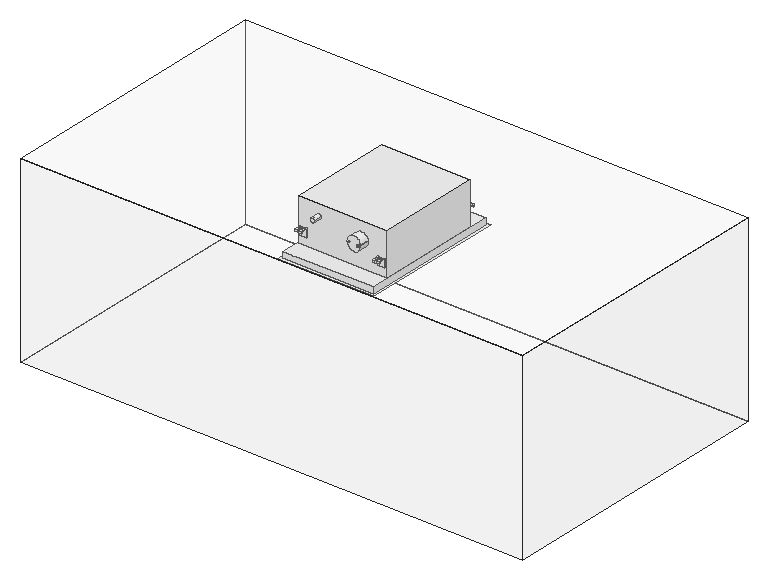
Revit family "pl-rp40_160la21_50Hz", category 機械設備, Revit 2019
Family settings
  丸型コネクタ寸法 = 直径を使用
  パーツ タイプ = 標準
  OmniClass 番号 = 23.75.10.24.21.27.27
  OmniClass タイトル = Split System Air Conditioning Units
  作業面ベース = いいえ
  常に垂直 = はい
  ロード時にボイドで切り取り = いいえ
  共有 = いいえ
  部屋計算ポイント = はい
Parameters (values of type "PL-RP40LA21_50Hz")
  風量（静）（m3／min） = 7
  風量（静） = 風量（静）（m3／min） * 60  # 420
  風量（弱）（m3／min） = 8
  風量（中）（m3／min） = 9
  風量（m3／min） = 10
  風量 = MAX風量  # 600.0 m³/h
  音響パワーレベル（静）(dB) = 49
  音響パワーレベル（弱）(dB) = 50
  音響パワーレベル（中）(dB) = 51
  音響パワーレベル(dB) = 52
  電源種別 = "一般"
  電圧_電気ヒーター = 0 V
  電圧 = 200 V
  電動機出力_送風機 = 0.05 kW
  運転質量 = 0.00 kg
  連動 = ""
  質量 = if(製品質量 > 運転質量, 製品質量, 運転質量) * 1.2  # 25.20 kg
  負荷分類 = 3_ファン類
  説明 = "店舗・事務所用パッケージエアコン（Mr.SLIM）2方向天井カセット形"
  設計暖房能力 = 0 kW
  設計冷房能力_顕熱 = 0 kW
  設計冷房能力 = 0 kW
  設置方法 = "カセット形（2方向吹出形）"
  記号 = ""
  製造元 = "三菱電機株式会社"
  製品質量 = 21.00 kg
  製品出荷対象 = "国内"
  製品リリース年月 = "2025/5/12"
  製品グループ = ""
  系統 = ""
  符号 = "PAC_CK2"
  積算_科目 = "1 空気調和設備"
  積算_拾い区分 = ""
  相_電気ヒーター = 1
  相 = 1
  盤記号 = ""
  発停方法 = ""
  特殊仕様 = ""
  火災停止 = ""
  消費電力_電気ヒーター = 0 kW
  消費電力_暖房 = 0.03 kW
  消費電力_加湿器 = 0 kW
  消費電力_冷房 = 0.03 kW
  消費電力 = if(消費電力_冷房 > 消費電力_暖房, 消費電力_冷房, 消費電力_暖房) + 消費電力_加湿器 + 消費電力_電気ヒーター  # 0.03 kW
  法定耐用年数 = "15"
  機外静圧 = 0.0 Pa
  製造番号 = ""
  極数 = 3
  材質 = "溶融亜鉛メッキ鋼板"
  本体マテリアル = 鋼、ペイント仕上げ、アイボリー、光沢
  有効加湿量 = 0
  暖房能力 = 4 kW
  形式_加湿器 = ""
  形式 = "カセット形（2方向吹出形）"
  幹線記号 = ""
  始動方式 = "直入"
  呼称 = "室内機 2方向天井カセット形"
  周波数 = 50 Hz
  吊り金具_高さ = 190.000 mm
  吊り位置Y = 824.000 mm
  吊り位置X = 574.000 mm
  加湿給水管径 = 0 mm
  分類コード = "50053003123020"
  分類グループ = ""
  冷房能力 = 3.6 kW
  冷媒高低圧ガス管径 = 0 mm
  冷媒管径符号 = "Ac"
  冷媒管径 = 100 mm
  冷媒液管高さ = 122.000 mm
  冷媒液管長さ = 67.000 mm
  冷媒液管径 = 6.35 mm
  冷媒ガス管高さ = 122.000 mm
  冷媒ガス管長さ = 78.000 mm
  冷媒ガス管径 = 12.7 mm
  価格 = 0
  企業コード = "108420"
  付属品_フィルター = ""
  付属品 = ""
  モデル = "PL-RP40LA21"
  ドレン管高さ = 60.000 mm
  ドレン管径 = 32 mm
  サービススペース = yes
  ケーブル種類 = ""
  Width = 650.000 mm
  Version = ""
  Uniclass2015Version = "Systems v1.9"
  Uniclass2015Title = "Split coil remote air cooled condensing units"
  Uniclass2015Code = "Pr_70_65_03_84"
  URL = "https://www.mitsubishielectric.co.jp/ldg/wink/qr/002/338218/"
  SpecificationReference = ""
  SpecificationDescription = ""
  S_H = 0.000 mm
  Revision = ""
  ProductInformation = ""
  OmniClassCode = "23-33 17 31 11"
  MIN風量 = 風量（弱）（m3／min） * 60.0 m³/h  # 480.0 m³/h
  MID風量 = 風量（中）（m3／min） * 60.0 m³/h  # 540.0 m³/h
  MAX風量 = 風量（m3／min） * 60.0 m³/h  # 600.0 m³/h
  IfcTypeProduct = ""
  IfcProduct = ""
  IfcExportType = "AIRCONDITIONINGUNIT"
  IfcExportAs = "IfcUnitaryEquipmentType"
  Height = 355.000 mm
  Depth = 770.000 mm
  Author = "三菱電機株式会社"
Types (10, lengths in mm): name | 風量（静）（m3／min） | 風量（静） | 風量（弱）（m3／min） | 風量（中）（m3／min） | 風量（m3／min） | 風量 | 音響パワーレベル（静）(dB) | 音響パワーレベル（弱）(dB) | 音響パワーレベル（中）(dB) | 音響パワーレベル(dB) | 電動機出力_送風機 | 質量 | 製品質量 | 消費電力_暖房 | 消費電力_冷房 | 消費電力 | 暖房能力 | 吊り金具_高さ | 吊り位置Y | 冷房能力 | 冷媒管径符号 | 冷媒液管高さ | 冷媒液管長さ | 冷媒液管径 | 冷媒ガス管高さ | 冷媒ガス管長さ | 冷媒ガス管径 | モデル | ドレン管高さ | URL | MIN風量 | MID風量 | MAX風量 | Height | Depth
  PL-RP40LA21_50Hz | 7 | 420 | 8 | 9 | 10 | 600.0 m³/h | 49 | 50 | 51 | 52 | 0.05 kW | 25.20 kg | 21.00 kg | 0.03 kW | 0.03 kW | 0.03 kW | 4 kW | 190.000 | 824.000 | 3.6 kW | "Ac" | 122.000 | 67.000 | 6.35 | 122.000 | 78.000 | 12.7 | "PL-RP40LA21" | 60.000 | "https://www.mitsubishielectric.co.jp/ldg/wink/qr/002/338218/" | 480.0 m³/h | 540.0 m³/h | 600.0 m³/h | 355.000 | 770.000
  PL-RP45LA21_50Hz | 8.5 | 510 | 9.5 | 10.5 | 11.5 | 690.0 m³/h | 49 | 50 | 52 | 53 | 0.05 kW | 28.80 kg | 24.00 kg | 0.04 kW | 0.04 kW | 0.04 kW | 4.5 kW | 190.000 | 994.000 | 4 kW | "Ac" | 122.000 | 67.000 | 6.35 | 122.000 | 78.000 | 12.7 | "PL-RP45LA21" | 60.000 | "https://www.mitsubishielectric.co.jp/ldg/wink/qr/002/338219/" | 570.0 m³/h | 630.0 m³/h | 690.0 m³/h | 355.000 | 940.000
  PL-RP50LA21_50Hz | 10 | 600 | 12 | 13 | 14 | 840.0 m³/h | 51 | 54 | 56 | 58 | 0.05 kW | 31.20 kg | 26.00 kg | 0.06 kW | 0.06 kW | 0.06 kW | 5 kW | 190.000 | 994.000 | 4.5 kW | "Ac" | 122.000 | 67.000 | 6.35 | 122.000 | 78.000 | 12.7 | "PL-RP50LA21" | 60.000 | "https://www.mitsubishielectric.co.jp/ldg/wink/qr/002/338221/" | 720.0 m³/h | 780.0 m³/h | 840.0 m³/h | 355.000 | 940.000
  PL-RP56LA21_50Hz | 10 | 600 | 12 | 13 | 14 | 840.0 m³/h | 52 | 54 | 56 | 58 | 0.05 kW | 31.20 kg | 26.00 kg | 0.06 kW | 0.06 kW | 0.06 kW | 5.6 kW | 190.000 | 994.000 | 5 kW | "Ac" | 122.000 | 67.000 | 6.35 | 122.000 | 78.000 | 12.7 | "PL-RP56LA21" | 60.000 | "https://www.mitsubishielectric.co.jp/ldg/wink/qr/002/338222/" | 720.0 m³/h | 780.0 m³/h | 840.0 m³/h | 355.000 | 940.000
  PL-RP63LA21_50Hz | 10 | 600 | 12 | 13 | 14 | 840.0 m³/h | 53 | 54 | 56 | 58 | 0.05 kW | 31.20 kg | 26.00 kg | 0.06 kW | 0.06 kW | 0.06 kW | 6.3 kW | 190.000 | 994.000 | 5.6 kW | "Ac" | 122.000 | 67.000 | 6.35 | 122.000 | 78.000 | 12.7 | "PL-RP63LA21" | 60.000 | "https://www.mitsubishielectric.co.jp/ldg/wink/qr/002/338223/" | 720.0 m³/h | 780.0 m³/h | 840.0 m³/h | 355.000 | 940.000
  PL-RP71LA21_50Hz | 10 | 600 | 12 | 13 | 14 | 840.0 m³/h | 54 | 55 | 56 | 58 | 0.05 kW | 31.20 kg | 26.00 kg | 0.06 kW | 0.06 kW | 0.06 kW | 7 kW | 190.000 | 994.000 | 6.3 kW | "Bd" | 122.000 | 67.000 | 9.52 | 122.000 | 78.000 | 15.88 | "PL-RP71LA21" | 60.000 | "https://www.mitsubishielectric.co.jp/ldg/wink/qr/002/338224/" | 720.0 m³/h | 780.0 m³/h | 840.0 m³/h | 355.000 | 940.000
  PL-RP80LA21_50Hz | 10 | 600 | 12 | 13 | 14 | 840.0 m³/h | 55 | 56 | 57 | 59 | 0.05 kW | 31.20 kg | 26.00 kg | 0.06 kW | 0.06 kW | 0.06 kW | 8 kW | 190.000 | 994.000 | 7.1 kW | "Bd" | 122.000 | 67.000 | 9.52 | 122.000 | 78.000 | 15.88 | "PL-RP80LA21" | 60.000 | "https://www.mitsubishielectric.co.jp/ldg/wink/qr/002/338225/" | 720.0 m³/h | 780.0 m³/h | 840.0 m³/h | 355.000 | 940.000
  PL-RP112LA21_50Hz | 18 | 1080 | 20.5 | 22.5 | 24 | 1440.0 m³/h | 58 | 60 | 61 | 62 | 0.1 kW | 54.00 kg | 45.00 kg | 0.09 kW | 0.09 kW | 0.09 kW | 11.2 kW | 231.000 | 1494.000 | 10 kW | "Bd" | 163.000 | 71.000 | 9.52 | 163.000 | 83.000 | 15.88 | "PL-RP112LA21" | 101.000 | "https://www.mitsubishielectric.co.jp/ldg/wink/qr/002/338226/" | 1230.0 m³/h | 1350.0 m³/h | 1440.0 m³/h | 396.000 | 1440.000
  PL-RP140LA21_50Hz | 20 | 1200 | 24.5 | 27 | 29 | 1740.0 m³/h | 61 | 62 | 65 | 66 | 0.24 kW | 56.40 kg | 47.00 kg | 0.14 kW | 0.14 kW | 0.14 kW | 14 kW | 231.000 | 1494.000 | 12.5 kW | "Bd" | 163.000 | 71.000 | 9.52 | 163.000 | 83.000 | 15.88 | "PL-RP140LA21" | 101.000 | "https://www.mitsubishielectric.co.jp/ldg/wink/qr/002/338227/" | 1470.0 m³/h | 1620.0 m³/h | 1740.0 m³/h | 396.000 | 1440.000
  PL-RP160LA21_50Hz | 20 | 1200 | 24.5 | 27 | 30 | 1800.0 m³/h | 62 | 63 | 66 | 67 | 0.24 kW | 56.40 kg | 47.00 kg | 0.14 kW | 0.14 kW | 0.14 kW | 16 kW | 231.000 | 1494.000 | 14 kW | "Bd" | 163.000 | 71.000 | 9.52 | 163.000 | 83.000 | 15.88 | "PL-RP160LA21" | 101.000 | "https://www.mitsubishielectric.co.jp/ldg/wink/qr/002/338228/" | 1470.0 m³/h | 1620.0 m³/h | 1800.0 m³/h | 396.000 | 1440.000
Reference planes
  plane 1 "中心(正面/背面)": y = 0
  plane 2: z = 0
  plane 3 "中心(左/右)": x = 0
  plane 4 "最外形_1": y = 540
  plane 5 "最外形_2": y = -540
  plane 6 "本体_1": y = 385
  plane 7 "本体_2": y = -385
  plane 8 "吊り位置Y_1": y = 412
  plane 9 "吊り位置Y_2": y = -412
  plane 10 "吊り位置X_2": x = 287
  plane 11 "吊り位置X_1": x = -287
  plane 12 "吊り金具位置": z = 165
  plane 13 "冷媒管_高さ": z = 233
  plane 14 "ガス管_1": y = -463
  plane 15 "液管_1": y = -452
  plane 16 "ガス管_2": x = 173
  plane 17 "液管_2": x = 103
  plane 18 "ドレン配管_高さ": z = 275
  plane 19: x = -175
  plane 20 "ドレン_長さ": y = -442
  plane 21 "サービススペース": z = 345
  plane 22 "点検口範囲_1": y = -340
  plane 23 "点検口範囲_2": y = 310
  plane 24: y = 450
  plane 25: y = 110
  plane 26 "サービススペース_2": x = 1855
  plane 27 "サービススペース_1": x = -1855
  plane 28 "サービススペース_3": y = 1040
  plane 29 "サービススペース_4": y = -1040
  plane 30 "高さ": z = 355
  plane 31 "サービススペース_5": z = -1000
Forms (mm)
  Extrusion 1, solid, detail levels fine
    sketch origin (0, 0, 0) x (0, -1, 0) y (1, 0, 0)
      loop
        line (520, -335) -> (520, 335) -> (-520, 335) -> (-520, -335) -> (520, -335)
    from 0 to 45
  Extrusion 2, solid
    sketch origin (0, 0, 0) x (0, -1, 0) y (1, 0, 0)
      loop
        line (-385, 325) -> (-385, -325) -> (385, -325) -> (385, 325) -> (-385, 325)
    from 45 to 355
  Extrusion 3, solid, detail levels fine
    sketch origin (0, 0, 0) x (1, 0, 0) y (0, 1, 0)
      loop
        line (355, -540) -> (355, 540) -> (-355, 540) -> (-355, -540) -> (355, -540)
    from -20 to 0
  Sweep 4, void, detail levels fine
    path in 3D
      loop
        line (-355, -540, -20) -> (-355, 540, -20) -> (355, 540, -20) -> (355, -540, -20) -> (-355, -540, -20)
    profile origin (0, -540, -20) x (0, 1, 0) y (0, 0, -1)
      loop
        line (0, -20) -> (31.974, 0) -> (0, 0) -> (0, -20)
  Extrusion 5, solid, detail levels fine
    sketch origin (0, 0, 0) x (1, 0, 0) y (0, 0, 1)
      loop
        circle (103, 233) r 3.175
    from 385 to 452
  Extrusion 6, solid, detail levels fine
    sketch origin (0, 0, 0) x (1, 0, 0) y (0, 0, 1)
      loop
        circle (173, 233) r 6.35
    from 385 to 463
  Extrusion 7, solid, detail levels fine
    sketch origin (0, 0, 0) x (1, 0, 0) y (0, 0, 1)
      loop
        circle (138, 233) r 50
    from 385 to 452
  Extrusion 8, solid, detail levels fine
    sketch origin (0, 0, 0) x (1, 0, 0) y (0, 0, 1)
      loop
        circle (-175, 275) r 16
    from 385 to 442
Cuts and joins
  Sweep 4 cuts Extrusion 3
Lines and regions (mm)
  model lines, detail levels fine
    curve 1: line (-240, 435, -20) -> (240, 435, -20)
    curve 2: line (250, 425, -20) -> (250, -425, -20)
    curve 3: line (180, 435, -20) -> (180, -435, -20)
    curve 4: line (-240, -435, -20) -> (240, -435, -20)
    curve 5: line (-250, 425, -20) -> (-250, -425, -20)
    curve 6: line (-180, 435, -20) -> (-180, -435, -20)
    curve 7: arc (240, 435, -20) -> (247.071, 432.071, -20) -> (250, 425, -20) r 10
    curve 8: arc (250, -425, -20) -> (247.071, -432.071, -20) -> (240, -435, -20) r 10
    curve 9: arc (-250, -425, -20) -> (-247.071, -432.071, -20) -> (-240, -435, -20) r 10
    curve 10: arc (-250, 425, -20) -> (-247.071, 432.071, -20) -> (-240, 435, -20) r 10
    curve 11: line (260.1, 424.827, -20) -> (260.1, -424.827, -20)
    curve 12: line (271.273, 436, -20) -> (289.25, 436, -20)
    curve 13: line (312.8, -419.027, -20) -> (312.8, 419.027, -20)
    curve 14: arc (260.1, 424.827, -20) -> (263.372, 432.728, -20) -> (271.273, 436, -20) r 11.173
    curve 15: arc (289.25, 436, -20) -> (303.765, 431.315, -20) -> (312.8, 419.027, -20) r 24.824
    curve 16: line (271.273, -436, -20) -> (289.25, -436, -20)
    curve 17: arc (260.1, -424.827, -20) -> (263.372, -432.728, -20) -> (271.273, -436, -20) r 11.173
    curve 18: arc (289.25, -436, -20) -> (303.765, -431.315, -20) -> (312.8, -419.027, -20) r 24.824
    curve 19: line (-260.1, 424.827, -20) -> (-260.1, -424.827, -20)
    curve 20: line (-271.273, 436, -20) -> (-289.25, 436, -20)
    curve 21: line (-312.8, -419.027, -20) -> (-312.8, 419.027, -20)
    curve 22: arc (-260.1, 424.827, -20) -> (-263.372, 432.728, -20) -> (-271.273, 436, -20) r 11.173
    curve 23: arc (-289.25, 436, -20) -> (-303.765, 431.315, -20) -> (-312.8, 419.027, -20) r 24.824
    curve 24: line (-271.273, -436, -20) -> (-289.25, -436, -20)
    curve 25: arc (-260.1, -424.827, -20) -> (-263.372, -432.728, -20) -> (-271.273, -436, -20) r 11.173
    curve 26: arc (-289.25, -436, -20) -> (-303.765, -431.315, -20) -> (-312.8, -419.027, -20) r 24.824
  sketch lines
    curve 27: line (355, -540, -20) -> (-355, -540, -20)
    curve 28: line (355, 540, -20) -> (355, -540, -20)
    curve 29: line (-355, 540, -20) -> (355, 540, -20)
    curve 30: line (-355, -540, -20) -> (-355, 540, -20)
Dimensions and locks
  locked: cut or joined group of Extrusion 3, Sweep 4 to cut or joined group of Extrusion 3, Sweep 4 at 710
  plane 5 "最外形_2" to plane 4 "最外形_1" = 1080.000 mm
  equal spacing: plane 5 "最外形_2", plane 1 "中心(正面/背面)", plane 4 "最外形_1"
  equal spacing: plane 7 "本体_2", plane 1 "中心(正面/背面)", plane 6 "本体_1"
  "Depth": plane 7 "本体_2" to plane 6 "本体_1"
  equal spacing: plane 9 "吊り位置Y_2", plane 1 "中心(正面/背面)", plane 8 "吊り位置Y_1"
  "吊り位置Y": plane 9 "吊り位置Y_2" to plane 8 "吊り位置Y_1"
  plane 11 "吊り位置X_1" to plane 10 "吊り位置X_2" = 574.000 mm  (x2)
  plane 5 "最外形_2" to plane 7 "本体_2" = 155.000 mm
  locked: plane 6 "本体_1" to plane 4 "最外形_1" at 155
  "冷媒ガス管長さ": plane 14 "ガス管_1" to plane 7 "本体_2"
  "冷媒液管長さ": plane 7 "本体_2" to plane 15 "液管_1"
  locked: plane 20 "ドレン_長さ" to plane 7 "本体_2" at 57
  locked: plane 29 "サービススペース_4" to plane 5 "最外形_2" at 500
  locked: plane 4 "最外形_1" to plane 28 "サービススペース_3" at 500
  "Height": plane 30 "高さ" to level
  "冷媒ガス管高さ": plane 30 "高さ" to plane 13 "冷媒管_高さ"
  "吊り金具_高さ": plane 30 "高さ" to plane 12 "吊り金具位置"
  "冷媒液管径": diameter of Extrusion 5 sketch curve
  "冷媒ガス管径": diameter of Extrusion 6 sketch curve
  diameter of Extrusion 7 sketch curve = 100.000 mm
  diameter of Extrusion 8 sketch curve = 32.000 mm
  aligned and locked: level to plane 2
  aligned and locked: plane 5 "最外形_2" to cut or joined group of Extrusion 3, Sweep 4
  aligned and locked: plane 6 "本体_1" to Extrusion 2
  aligned and locked: nested 4 to plane 6 "本体_1"
  aligned and locked: nested 3 to plane 6 "本体_1"
  aligned and locked: plane 7 "本体_2" to Extrusion 2  (x2)
  aligned and locked: nested 2 to plane 7 "本体_2"
  aligned and locked: nested 1 to plane 7 "本体_2"
  aligned and locked: Extrusion 2 to Extrusion 1
  aligned and locked: plane 8 "吊り位置Y_1" to nested 5
  aligned and locked: nested 5 to plane 8 "吊り位置Y_1"
  aligned and locked: plane 9 "吊り位置Y_2" to nested 5  (x2)
  aligned and locked: nested 5 to plane 10 "吊り位置X_2"
  aligned and locked: plane 11 "吊り位置X_1" to nested 5
  aligned and locked: Extrusion 5 to plane 7 "本体_2"
  aligned and locked: Extrusion 6 to plane 7 "本体_2"
  aligned and locked: Extrusion 6 to plane 14 "ガス管_1"
  aligned and locked: Extrusion 5 to plane 15 "液管_1"
  aligned and locked: Extrusion 7 to Extrusion 2
  aligned and locked: Extrusion 7 to plane 15 "液管_1"
  aligned and locked: Extrusion 8 to Extrusion 2
  aligned and locked: plane 20 "ドレン_長さ" to Extrusion 8
  aligned and locked: Extrusion 2 to plane 6 "本体_1"
  aligned and locked: nested 6 to plane 27 "サービススペース_1"
  aligned and locked: plane 26 "サービススペース_2" to nested 6
  aligned and locked: nested 6 to plane 28 "サービススペース_3"
  aligned and locked: nested 6 to plane 29 "サービススペース_4"
  aligned and locked: plane 30 "高さ" to Extrusion 2
  aligned and locked: nested 1 to plane 12 "吊り金具位置"
  aligned and locked: plane 12 "吊り金具位置" to nested 3
  aligned and locked: nested 2 to plane 12 "吊り金具位置"
  aligned and locked: plane 12 "吊り金具位置" to nested 4
  aligned and locked: plane 30 "高さ" to nested 6
  aligned and locked: nested 6 to plane 31 "サービススペース_5"
Automatic sketch dimensions
  plane 4 "最外形_1" to Extrusion 1 sketch curve = 20.000 mm
  Extrusion 1 sketch curve to plane 5 "最外形_2" = 20.000 mm
  Extrusion 1 sketch curve to plane 3 "中心(左/右)" = 335.000 mm
  plane 3 "中心(左/右)" to Extrusion 1 sketch curve = 335.000 mm
  plane 4 "最外形_1" to Extrusion 2 sketch curve = 155.000 mm
  Extrusion 2 sketch curve to plane 5 "最外形_2" = 155.000 mm
  Extrusion 2 sketch curve to plane 3 "中心(左/右)" = 325.000 mm
  plane 3 "中心(左/右)" to Extrusion 2 sketch curve = 325.000 mm
  plane 4 "最外形_1" to curve 21 = 120.973 mm
  curve 21 to plane 3 "中心(左/右)" = 312.800 mm
  curve 23 to curve 20 = 23.550 mm
  curve 26 to curve 24 = 23.550 mm
  curve 23 to curve 20 = 17.977 mm
  curve 26 to curve 24 = 17.977 mm
  curve 25 to curve 19 = 11.173 mm
  curve 19 to curve 5 = 10.100 mm
  curve 5 to curve 4 = 10.000 mm
  curve 5 to curve 10 = 10.000 mm
  plane 3 "中心(左/右)" to curve 1 = 240.000 mm
  curve 8 to plane 5 "最外形_2" = 115.000 mm
  plane 3 "中心(左/右)" to curve 8 = 240.000 mm
  curve 7 to curve 2 = 10.000 mm
  curve 2 to curve 11 = 10.100 mm
  curve 17 to curve 17 = 11.173 mm
  curve 14 to curve 12 = 11.173 mm
  curve 14 to curve 15 = 17.977 mm
  curve 17 to curve 18 = 17.977 mm
  curve 16 to curve 2 = 11.000 mm
  curve 24 to curve 5 = 11.000 mm
  curve 24 to curve 21 = 16.973 mm
  curve 18 to curve 13 = 16.973 mm
  curve 23 to curve 21 = 7.851 mm
  curve 15 to curve 13 = 7.851 mm
  curve 11 to curve 7 = 0.173 mm
  curve 10 to curve 6 = 60.000 mm
  curve 3 to curve 8 = 60.000 mm
  plane 5 "最外形_2" to Extrusion 3 sketch curve = 0.000 mm
  plane 4 "最外形_1" to Extrusion 3 sketch curve = 0.000 mm
  Extrusion 3 sketch curve to plane 3 "中心(左/右)" = 355.000 mm
  plane 3 "中心(左/右)" to Extrusion 3 sketch curve = 355.000 mm
  Sweep 4 sketch curve to profile plane = 0.000 mm
  profile plane to Sweep 4 sketch curve = 0.000 mm
  Sweep 4 sketch curve to profile plane = 31.974 mm
  Sweep 4 sketch curve to profile plane = 20.000 mm
  Extrusion 7 sketch curve to plane 13 "冷媒管_高さ" = 0.000 mm
  plane 16 "ガス管_2" to Extrusion 7 sketch curve = 35.000 mm
  Extrusion 8 sketch curve to plane 18 "ドレン配管_高さ" = 0.000 mm
  plane 19 to Extrusion 8 sketch curve = 0.000 mm
  plane 8 "吊り位置Y_1" to curve 15 = 0.824 mm
  curve 18 to curve 13 = 23.550 mm
  Extrusion 5 sketch curve to plane 13 "冷媒管_高さ" = 0.000 mm
  plane 17 "液管_2" to Extrusion 5 sketch curve = 0.000 mm
  Extrusion 6 sketch curve to plane 13 "冷媒管_高さ" = 0.000 mm
  plane 16 "ガス管_2" to Extrusion 6 sketch curve = 0.000 mm
Nested families
  nested 1: "LEG1" at (287, -412, 165), type "LEG1", detail levels fine
  nested 2: "LEG1" at (-287, -412, 165), type "LEG1", detail levels fine
  nested 3: "LEG1" at (287, 412, 165), type "LEG1", detail levels fine
  nested 4: "LEG1" at (-287, 412, 165), type "LEG1", detail levels fine
  nested 5: "固定点" at (-287, -412, 0), type "固定点"
    with W 574.000 mm, D 824.000 mm
  nested 6: "サービススペース" at (0, 0, -322.5), type "サービススペース"
    with Width 3710.000 mm, Height 1355.000 mm, Depth 2080.000 mm
Connectors
  electrical at (0, -385, 200), driven by "極数", driven by "負荷分類", driven by "電圧", driven by "消費電力"
    settings: on Extrusion 2, index 4, voltage 200 V, apparent load 30 VA, apparent load phase1 0 VA, apparent load phase2 0 VA, apparent load phase3 0 VA, power factor 1, load classification "3_ファン類", number of poles 3, system type 30, power factor state 1, is connector primary yes, connector utility no, sub classification motor no, connector description ""
  piping at (-175, -442, 275), diameter 32, driven by "ドレン管径"
    settings: on Extrusion 8, index 5, connector inside diameter 609.6 mm, connector length 0.000 mm, flow factor 0, pipe flow 0.0 L/s, pressure drop 0.0 Pa, fitting loss kfactor 0, connector angle 0.00°, fixture units 0, engagement length 0.000 mm, angle of deflection 0.00°, flow configuration 1, flow direction 2, fitting loss method 4, system type 16, joint type 0, gender type 0, connector reference index -1, connector utility 0, adjustable connector no, is connector primary yes, connector description ""
  piping at (138, -452, 233), diameter 100, driven by "冷媒管径符号", driven by "冷媒管径"
    settings: on Extrusion 7, index 6, connector inside diameter 609.6 mm, connector length 0.000 mm, flow factor 0, pipe flow 0.0 L/s, pressure drop 0.0 Pa, fitting loss kfactor 0, connector angle 0.00°, fixture units 0, engagement length 0.000 mm, angle of deflection 0.00°, flow configuration 1, flow direction 1, fitting loss method 4, system type 7, joint type 0, gender type 0, connector reference index -1, connector utility 0, adjustable connector no, is connector primary no, connector description "Ac"
Definition of nested family "LEG1"
  Parameters (values of type "LEG1")
    product distance = 27.000 mm
  Reference planes
    plane 1 "中心(正面/背面)": y = 0
    plane 2: z = 0
    plane 3 "中心(左/右)": x = 0
    plane 4: x = -25
    plane 5: x = 25
    plane 6: y = -23
    plane 7: y = 27
    plane 8: x = -8
    plane 9: x = 8
    plane 10: x = -6
    plane 11: x = 6
    plane 12: y = 24.7
  Forms (mm)
    Extrusion 1, solid, detail levels fine
      sketch origin (0, 0, 0) x (1, 0, 0) y (0, 1, 0)
        loop
          line (-25, 27) -> (-25, -23) -> (25, -23) -> (25, 27) -> (-25, 27)
      from 0 to -60
    Extrusion 2, void, detail levels fine
      sketch origin (0, 0, 0) x (0, 1, 0) y (0, 0, 1)
        loop
          line (-20.7, -2.3) -> (-20.7, -15) -> (-23, -15) -> (-23, -60) -> (24.7, -60) -> (24.7, -2.3) -> (-20.7, -2.3)
      from -25 to 25
    Extrusion 3, void, detail levels fine
      sketch origin (0, 0, 0) x (1, 0, 0) y (0, 1, 0)
        loop
          arc (-8, 7) -> (-15, 0) -> (-8, -7) r 7
          line (-8, -7) -> (-6, -7) -> (-6, -23) -> (6, -23) -> (6, -7) -> (8, -7)
          arc (8, -7) -> (15, 0) -> (8, 7) r 7
          line (8, 7) -> (-8, 7)
      from 0 to -60
  Cuts and joins
    Extrusion 2, Extrusion 3 cuts Extrusion 1
  Dimensions and locks
    locked: Extrusion 1 sketch curve to Extrusion 1 sketch curve at 50
    equal spacing: Extrusion 1 sketch curve, plane 3 "中心(左/右)", Extrusion 1 sketch curve
    locked: plane 6 to plane 1 "中心(正面/背面)" at 23
    "product distance": plane 1 "中心(正面/背面)" to plane 7
    plane 7 to Extrusion 2 sketch curve = 2.300 mm
    locked: cut or joined group of Extrusion 1, Extrusion 2, Extrusion 3 to cut or joined group of Extrusion 1, Extrusion 2, Extrusion 3 at 2.3  (x2)
    cut or joined group of Extrusion 1, Extrusion 2, Extrusion 3 to cut or joined group of Extrusion 1, Extrusion 2, Extrusion 3 = 50.000 mm
    aligned and locked: level to plane 2
    aligned and locked: Extrusion 2 sketch curve to cut or joined group of Extrusion 1, Extrusion 2, Extrusion 3  (x2)
    aligned and locked: cut or joined group of Extrusion 1, Extrusion 2, Extrusion 3 to Extrusion 3 sketch curve
    aligned and locked: plane 6 to Extrusion 1 sketch curve
    aligned and locked: Extrusion 1 sketch curve to plane 7
  Automatic sketch dimensions
    Extrusion 2 sketch curve to plane 6 = 2.300 mm
    Extrusion 2 sketch curve to level = 15.000 mm
    Extrusion 2 sketch curve to level = 2.300 mm
    plane 1 "中心(正面/背面)" to Extrusion 3 sketch curve = 0.000 mm  (x2)
    Extrusion 3 sketch curve to plane 8 = 0.000 mm
    Extrusion 3 sketch curve to plane 10 = 0.000 mm
    Extrusion 3 sketch curve to plane 11 = 0.000 mm
    Extrusion 3 sketch curve to plane 9 = 0.000 mm  (x2)
    plane 1 "中心(正面/背面)" to Extrusion 3 sketch curve = 7.000 mm
Definition of nested family "サービススペース"
  Parameters (values of type "サービススペース")
    Width [instance] = 500.000 mm
    Height [instance] = 500.000 mm
    Depth [instance] = 500.000 mm
  Reference planes
    plane 1 "中心(正面/背面)": y = 0
    plane 2: z = 0
    plane 3 "中心(左/右)": x = 0
    plane 4: y = -250
    plane 5: x = 250
    plane 6: y = 250
    plane 7: x = -250
    plane 8: z = 250
    plane 9: z = -250
  Forms (mm)
    Extrusion 1, solid
      sketch origin (-638.939, 0, 72.39) x (1, 0, 0) y (0, 1, 0)
        loop
          line (388.939, 250) -> (388.939, -250) -> (888.939, -250) -> (888.939, 250) -> (388.939, 250)
      from -322.39 to 177.61
  Lines and regions (mm)
    symbolic lines
      curve 1: line (-250, 0, 250) -> (250, 0, 250)
      curve 2: line (-250, 0, -250) -> (-250, 0, 250)
      curve 3: line (250, 0, -250) -> (-250, 0, -250)
      curve 4: line (250, 0, 250) -> (250, 0, -250)
      curve 5: line (0, -250, 250) -> (0, 250, 250)
      curve 6: line (0, -250, -250) -> (0, -250, 250)
      curve 7: line (0, 250, -250) -> (0, -250, -250)
      curve 8: line (0, 250, 250) -> (0, 250, -250)
      curve 9: line (-250, 250, 0) -> (250, 250, 0)
      curve 10: line (-250, -250, 0) -> (-250, 250, 0)
      curve 11: line (250, -250, 0) -> (-250, -250, 0)
      curve 12: line (250, 250, 0) -> (250, -250, 0)
  Dimensions and locks
    equal spacing: plane 7, plane 3 "中心(左/右)", plane 5
    equal spacing: plane 4, plane 1 "中心(正面/背面)", plane 6
    "Depth": plane 4 to plane 6
    "Width": plane 7 to plane 5
    equal spacing: plane 8, plane 2, plane 9
    "Height": plane 8 to plane 9
    aligned and locked: plane 9 to curve 3
    aligned and locked: plane 7 to curve 2
    aligned and locked: curve 4 to plane 5
    aligned and locked: plane 5 to Extrusion 1
    aligned and locked: Extrusion 1 to plane 7
    aligned and locked: Extrusion 1 to plane 9
    aligned and locked: plane 8 to Extrusion 1
    aligned and locked: plane 9 to curve 7
  Automatic sketch dimensions
    plane 4 to Extrusion 1 sketch curve = 0.000 mm
    Extrusion 1 sketch curve to plane 7 = 0.000 mm
    Extrusion 1 sketch curve to plane 5 = 0.000 mm
    plane 6 to Extrusion 1 sketch curve = 0.000 mm
    curve 2 to plane 8 = 0.000 mm
    plane 4 to curve 11 = 0.000 mm
    curve 11 to plane 7 = 0.000 mm
    curve 11 to plane 5 = 0.000 mm
    plane 6 to curve 10 = 0.000 mm
    curve 7 to plane 4 = 0.000 mm
    curve 7 to plane 6 = 0.000 mm
    curve 6 to plane 8 = 0.000 mm
Definition of nested family "固定点"
  Parameters (values of type "固定点")
    中心円 = 20.000 mm
    W [instance] = 574.000 mm
    D [instance] = 824.000 mm
  Reference planes
    plane 1 "中心(正面/背面)": y = 0
    plane 2: z = 0
    plane 3 "中心(左/右)": x = 0
    plane 4: x = 574
    plane 5: y = 824
  Lines and regions (mm)
    symbolic lines, detail levels fine
      curve 1: circle (0, 824, 0) r 10 normal (0, 0, 1)
      curve 2: circle (0, 0, 0) r 10 normal (0, 0, 1)
      curve 3: circle (574, 824, 0) r 10 normal (0, 0, 1)
      curve 4: circle (574, 0, 0) r 10 normal (0, 0, 1)
      curve 5: line (-200, 824, 0) -> (774, 824, 0)
      curve 6: line (-200, 0, 0) -> (774, 0, 0)
      curve 7: line (0, 1024, 0) -> (0, -200, 0)
      curve 8: line (574, 1024, 0) -> (574, -200, 0)
  Dimensions and locks
    "W": plane 3 "中心(左/右)" to plane 4
    "D": plane 1 "中心(正面/背面)" to plane 5
    "中心円": diameter of curve 1
    "中心円": diameter of curve 2
    "中心円": diameter of curve 3
    "中心円": diameter of curve 4
    aligned and locked: level to plane 2
    aligned and locked: plane 5 to curve 1
    aligned and locked: plane 3 "中心(左/右)" to curve 1
    aligned and locked: plane 3 "中心(左/右)" to curve 2
    aligned and locked: plane 1 "中心(正面/背面)" to curve 2
    aligned and locked: plane 4 to curve 3
    aligned and locked: plane 5 to curve 3
    aligned and locked: plane 1 "中心(正面/背面)" to curve 4
    aligned and locked: plane 4 to curve 4
    aligned and locked: plane 1 "中心(正面/背面)" to curve 6
    aligned and locked: curve 7 to plane 3 "中心(左/右)"
    aligned and locked: curve 8 to plane 4
  Automatic sketch dimensions
    curve 5 to plane 5 = 0.000 mm
    curve 6 to plane 3 "中心(左/右)" = 200.000 mm
    curve 5 to plane 3 "中心(左/右)" = 200.000 mm
    curve 4 to curve 6 = 200.000 mm
    curve 3 to curve 5 = 200.000 mm
    plane 1 "中心(正面/背面)" to curve 8 = 200.000 mm
    plane 1 "中心(正面/背面)" to curve 7 = 200.000 mm
    curve 3 to curve 8 = 200.000 mm
    curve 1 to curve 7 = 200.000 mm
